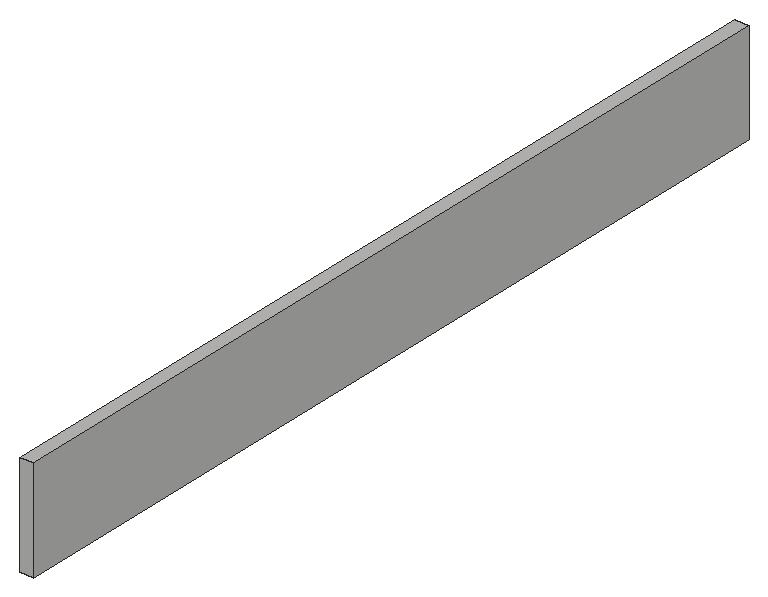
Revit family "2in", category Generic Models, Revit 2016
Family settings
  Part Type = Normal
  Can host rebar = No
  Round Connector Dimension = Use Diameter
  Work Plane-Based = No
  Always vertical = Yes
  Cut with Voids When Loaded = No
  Shared = No
  Room Calculation Point = No
Parameters (values of type ".625 in Wide Sheating R")
  Width = 0' - 0 3/4"
  Height = 0' - 5 1/2"
  5/8" Gyp = 5/8" GYP. BD
  4' Width = 4' - 0"
Types (2): name | Width | Height | 5/8" Gyp
  .625 in Wide Sheating R | 0' - 0 3/4" | 0' - 5 1/2" | 5/8" GYP. BD
  .625 in Wide Sheating R 2 | 0' - 0 5/8" | 3' - 0" | none
Reference planes (in)
  plane 1 "Center (Front/Back)": y = 0
  plane 2: z = 0
  plane 3 "Center (Left/Right)": x = 0
Forms (in)
  Sweep 1, solid, material "5/8" GYP. BD" <- "5/8" Gyp"
    path origin (0, 0, 0) x (1, 0, 0) y (0, 1, 0)
      loop
        line (0, -24) -> (0, 24)
    profile origin (0, 0, 0) x (-1, 0, 0) y (0, 0, 1)
      loop
        line (0, 0) -> (0.75, 0) -> (0.75, 5.5) -> (0, 5.5) -> (0, 0)
Dimensions and locks (in)
  "4' Width": Sweep 1 sketch curve to Sweep 1 sketch curve
  "Width": Sweep 1 sketch curve to Sweep 1 sketch curve
  "Height": Sweep 1 sketch curve to Sweep 1 sketch curve
  aligned and locked: plane 2 to level
Automatic sketch dimensions
  Sweep 1 sketch curve to plane 3 "Center (Left/Right)" = 0' - 0"
  plane 1 "Center (Front/Back)" to Sweep 1 sketch curve = 2' - 0"
  Sweep 1 sketch curve to profile plane = 0' - 0"
  Sweep 1 sketch curve to level = 0' - 0"
